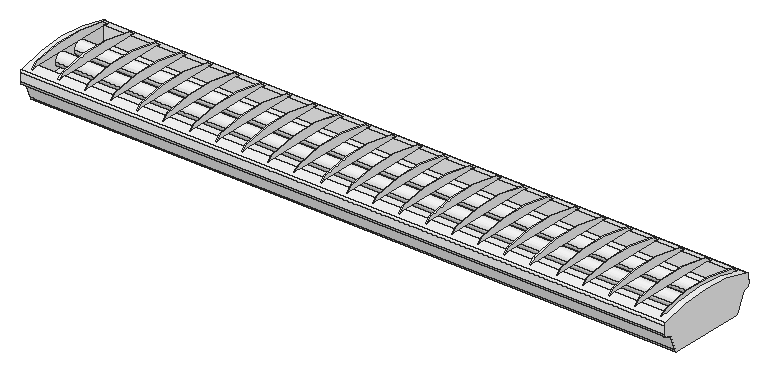
Revit family "0051681 Feilo Sylvania Lighting Fixture SYLMASTER T8 LED 1200 HO 4K Surface Mounted ", category Lighting Fixtures, host Face, Revit 2017
Family settings
  Host = Face
  Round Connector Dimension = Use Diameter
  Part Type = Normal
  OmniClass Number = 23.80.70.00
  OmniClass Title = Lighting
  Cut with Voids When Loaded = No
  Light Source = Yes
  Shared = No
  Room Calculation Point = No
Parameters (values of type "0051681 SYLMASTER T8 LED 1200 HO 4K")
  WidthVoid_FEILO = 160 mm
  Weight = "3.41 kg"
  Wattage Comments = ""
  Wattage = 40 W
  WarrantyStartDate [instance] = "n/a"
  WarrantyGuarantorParts = "n/a"
  WarrantyDurationUnit = "n/a"
  WarrantyDurationParts = "n/a"
  WarrantyDescription = "n/a"
  built-in parameter 1150110 = 1 (stored number, unit not read)
  Voltage = 230 V
  URL = "http://www.sylvania-lighting.com"
  TypeName = "SYLMASTER T8 LED 1200 HO 4K"
  Type Image = <None>
  Type Comments = "n/a"
  Twin_FEILO = not(Single_FEILO)  # yes
  built-in parameter 1114217 = 1 (stored number, unit not read)
  Tilt Angle = -90.00°
  built-in parameter 1150109 = 1 (stored number, unit not read)
  built-in parameter 1150134 = 12
  built-in parameter 1150113 = 1 (stored number, unit not read)
  Single_FEILO = no
  SerialNumber [instance] = "n/a"
  ReflectorSpacing_FEILO = (Length_FEILO - 30 mm) / (Array_FEILO - 1)  # 50.833 mm
  RadiusTube_FEILO = 12.7 mm
  Photometric Web File = "0051681.ies"
  Material_3_FEILO = none
  PowerFactor = 0.9
  PowerConsumption = "40 W"
  NominalLength = 1250 mm
  NominalHeight = 85 mm
  NominalDepth = 202 mm
  Name = "SYLMASTER T8 LED 1200 HO 4K"
  ModelReference = Name  # "SYLMASTER T8 LED 1200 HO 4K"
  ModelNumber = "0051681"
  Model = Name  # "SYLMASTER T8 LED 1200 HO 4K"
  Material = "steel housing"
  ManufacturerName = "Feilo Sylvania"
  Manufacturer = "Feilo Sylvania"
  LuminousEfficacy = "76 lm/W"
  built-in parameter 1150105 = 1206.5 (stored number, unit not read)
  Lumens = 3040 lm
  LuminaireType = ""
  built-in parameter 1150115 = 1 (stored number, unit not read)
  LightOutputRatio = "71"
  built-in parameter 1150137 = (empty or 0)
  built-in parameter 1150139 = (empty or 0)
  Length_FEILO = 1250 mm
  LampsType = Lamp  # "LED"
  LampNominalLuminous = "3040 lm"
  LampMacAdamStep = "6"
  LampColourTemperature = "4000 K"
  LampColourRenderingIndex = "80"
  built-in parameter 1150112 = 1 (stored number, unit not read)
  built-in parameter 1150114 = 1 (stored number, unit not read)
  Lamp = "LED"
  Keynote = "16500"
  InstallationDate [instance] = "n/a"
  InputVoltage = "220-240V~"
  InputNominalFrequency = "50/60 Hz"
  built-in parameter 1150132 = (empty or 0)
  built-in parameter 1150102 = (empty or 0)
  built-in parameter 1150107 = 4000 (stored number, unit not read)
  built-in parameter 1150138 = (empty or 0)
  IngressProtection = "IP20"
  ImpactProtectionIndex = "IK02"
  built-in parameter 1150106 = 12.065 (stored number, unit not read)
  IfcExportType = "IfcLightFixtureType"
  IfcExportAs = "IfcLightFixtureType"
  ExpectedLife = 50000
  Emit from Rectangle Width = WidthVoid_FEILO  # 160 mm
  Emit from Rectangle Length = Length_FEILO - 30 mm  # 1220 mm
  Emit Shape Visible in Rendering = no
  ElectricShockClassification = "Class I"
  built-in parameter 1150104 = 7.0606 (stored number, unit not read)
  DurationUnit = "hours"
  DocumentationLiterature = "http://www.sylvania-lighting.com/product/en-int/products/0051681"
  DimmingControlOptions = "Non dimmable"
  Material_2_FEILO = LEDTube-Sylvania-Sylmaster
  Dimming Lamp Color Temperature Shift = <None>
  Description = "SYLMASTER T8 LED 1200 HO 4K is a surface mount / pendant luminaire supplied with 2 ToLEDo T8 20W 840 LED Tubes."
  Default Elevation = 1219.2 mm
  CreatedOn = "2/19/2018"
  CreatedBy = ""
  Cost = 0
  Color Filter = 16777215
  built-in parameter 1114216 [instance] = (empty or 0)
  ClassificationValue = "EF_70_80"
  ClassificationName = "Uniclass2015"
  Material_1_FEILO = Body-Sylvania-Sylmaster-White
  BarCode [instance] = "n/a"
  built-in parameter 1114218 = 1 (stored number, unit not read)
  built-in parameter 1150133 = 10 (stored number, unit not read)
  AssetType = "Fixed"
  AssetIdentifier [instance] = "n/a"
  Assembly Code = "D5020200"
  Array_FEILO = if(Length_FEILO = 1250 mm, 25, 35)  # 25
  Apparent Load = 40 VA
  Material_4_FEILO = none
Reference planes
  plane 1 "Center (Front/Back)": y = 0
  plane 2: z = 0
  plane 3 "Center (Left/Right)": x = 0
  plane 4: y = 101
  plane 5: y = -101
  plane 6: z = 0
  plane 7: z = 85
  plane 8: z = 61
  plane 9: z = 45
  plane 10: z = 7
  plane 11: z = 68
  plane 12: y = -89
  plane 13: y = -75
  plane 14: y = -30
  plane 15: y = 30
  plane 16: y = 89
  plane 17: y = 75
  plane 18: z = 42
  plane 19: x = -625
  plane 20: x = 625
  plane 21: x = -500
  plane 22: x = 500
  plane 23: y = -23
  plane 24: y = 23
  plane 25: x = -480
  plane 26: x = -520
  plane 27: x = 480
  plane 28: x = 520
  plane 29: x = -513
  plane 30: x = -487
  plane 31: x = 487
  plane 32: x = 513
  plane 33: y = 80
  plane 34: y = -80
  plane 35: x = 610
  plane 36: x = -610
  plane 37: y = 33
  plane 38: z = 44.6
  plane 39: x = -559.167
  plane 40: z = 22
  plane 41: z = -22
Forms (mm)
  Extrusion 1, solid, material "Body-Sylvania-Sylmaster-White" <- "Material_1_FEILO", detail levels medium+fine
    sketch origin (0, 0, 0) x (0, 1, 0) y (0, 0, 1)
      loop
        arc (-98.274, 68.93) -> (-100.248, 67.473) -> (-101, 65.138) r 4
        line (-101, 65.138) -> (-101, 48.904)
        arc (-101, 48.904) -> (-99.941, 45.827) -> (-97.213, 44.053) r 5
        line (-97.213, 44.053) -> (-93.96, 43.24)
        arc (-93.96, 43.24) -> (-89.81, 41.072) -> (-87.101, 37.253) r 10
        line (-87.101, 37.253) -> (-76.76, 11.4)
        arc (-76.76, 11.4) -> (-74.185, 8.204) -> (-70.261, 7) r 7
        line (-70.261, 7) -> (70.261, 7)
        arc (70.261, 7) -> (74.185, 8.204) -> (76.76, 11.4) r 7
        line (76.76, 11.4) -> (87.101, 37.253)
        arc (87.101, 37.253) -> (89.81, 41.072) -> (93.96, 43.24) r 10
        line (93.96, 43.24) -> (97.213, 44.053)
        arc (97.213, 44.053) -> (99.941, 45.827) -> (101, 48.904) r 5
        line (101, 48.904) -> (101, 65.138)
        arc (101, 65.138) -> (100.248, 67.473) -> (98.274, 68.93) r 4
        arc (98.274, 68.93) -> (0, 85) -> (-98.274, 68.93) r 308.529
    from -625 to 625
  Blend 2, solid, material "Body-Sylvania-Sylmaster-White" <- "Material_1_FEILO"
    base sketch origin (0, 1219.2, 7) x (1, 0, 0) y (0, 1, 0)
      loop
        line (-520, -1189.2) -> (-520, -1249.2) -> (-480, -1249.2) -> (-480, -1189.2) -> (-520, -1189.2)
    top sketch origin (0, 1219.2, 7) x (1, 0, 0) y (0, 1, 0)
      loop
        line (-513, -1196.2) -> (-513, -1242.2) -> (-487, -1242.2) -> (-487, -1196.2) -> (-513, -1196.2)
    from 0 to -7
  Blend 3, solid, material "Body-Sylvania-Sylmaster-White" <- "Material_1_FEILO"
    base sketch origin (0, 1219.2, 7) x (1, 0, 0) y (0, 1, 0)
      loop
        line (480, -1189.2) -> (480, -1249.2) -> (520, -1249.2) -> (520, -1189.2) -> (480, -1189.2)
    top sketch origin (0, 1219.2, 7) x (1, 0, 0) y (0, 1, 0)
      loop
        line (487, -1196.2) -> (487, -1242.2) -> (513, -1242.2) -> (513, -1196.2) -> (487, -1196.2)
    from 0 to -7
  Extrusion 4, void
    sketch origin (0, 0, 0) x (0, 1, 0) y (0, 0, 1)
      loop
        line (-80, 85) -> (-80, 45) -> (80, 45) -> (80, 85) -> (-80, 85)
    from -610 to 610
  Extrusion 5, solid, material "LEDTube-Sylvania-Sylmaster" <- "Material_2_FEILO", visible <- "Single_FEILO", detail levels medium+fine
    sketch origin (0, 0, 0) x (0, 1, 0) y (0, 0, 1)
      loop
        circle (0, 61) r 12.7
    from -610 to 610
  Extrusion 6, solid, material "LEDTube-Sylvania-Sylmaster" <- "Material_2_FEILO", visible <- "Twin_FEILO", detail levels medium+fine
    sketch origin (0, 0, 0) x (0, 1, 0) y (0, 0, 1)
      loop
        circle (-23, 61) r 12.7
      loop
        circle (23, 61) r 12.7
    from -610 to 610
  Extrusion 7, solid, material "Body-Sylvania-Sylmaster-White" <- "Material_1_FEILO", detail levels coarse
    sketch origin (0, 0, 0) x (0, 1, 0) y (0, 0, 1)
      loop
        arc (-98.274, 68.93) -> (-100.248, 67.473) -> (-101, 65.138) r 4
        line (-101, 65.138) -> (-101, 48.904)
        arc (-101, 48.904) -> (-99.941, 45.827) -> (-97.213, 44.053) r 5
        line (-97.213, 44.053) -> (-93.96, 43.24)
        arc (-93.96, 43.24) -> (-89.81, 41.072) -> (-87.101, 37.253) r 10
        line (-87.101, 37.253) -> (-76.76, 11.4)
        arc (-76.76, 11.4) -> (-74.185, 8.204) -> (-70.261, 7) r 7
        line (-70.261, 7) -> (70.261, 7)
        arc (70.261, 7) -> (74.185, 8.204) -> (76.76, 11.4) r 7
        line (76.76, 11.4) -> (87.101, 37.253)
        arc (87.101, 37.253) -> (89.81, 41.072) -> (93.96, 43.24) r 10
        line (93.96, 43.24) -> (97.213, 44.053)
        arc (97.213, 44.053) -> (99.941, 45.827) -> (101, 48.904) r 5
        line (101, 48.904) -> (101, 65.138)
        arc (101, 65.138) -> (100.248, 67.473) -> (98.274, 68.93) r 4
        arc (98.274, 68.93) -> (0, 85) -> (-98.274, 68.93) r 308.529
    from -625 to 625
Cuts and joins
  Extrusion 4 cuts Extrusion 1
Lines and regions (mm)
  reference lines
    curve 1: line (0, -101, 45) -> (0, -89, 42)
    curve 2: line (0, -89, 42) -> (0, -75, 7)
    curve 3: line (0, 101, 45) -> (0, 89, 42)
    curve 4: line (0, 89, 42) -> (0, 75, 7)
Dimensions and locks
  equal spacing: plane 5, plane 1 "Center (Front/Back)", plane 4
  locked: plane 5 to plane 4 at 202
  locked: plane 6 to plane 7 at 85
  plane 8 to plane 7 = 24 mm
  locked: plane 9 to plane 7 at 40
  locked: plane 6 to plane 10 at 7
  locked: plane 8 to plane 11 at 7
  equal spacing: plane 13, plane 1 "Center (Front/Back)", plane 17
  equal spacing: plane 14, plane 1 "Center (Front/Back)", plane 15
  equal spacing: plane 12, plane 1 "Center (Front/Back)", plane 16
  locked: plane 13 to plane 17 at 150
  locked: plane 12 to plane 16 at 178
  locked: plane 18 to plane 9 at 3
  locked: Extrusion 1 sketch curve to plane 7 at 308.529
  Extrusion 1 sketch curve to plane 1 "Center (Front/Back)" to Extrusion 1 sketch curve = 97 mm locked, 97 mm locked
  Extrusion 1 sketch curve to plane 1 "Center (Front/Back)" to Extrusion 1 sketch curve = 96 mm locked, 96 mm locked
  equal spacing: plane 19, plane 3 "Center (Left/Right)", plane 20
  "Length_FEILO": plane 19 to plane 20
  Extrusion 1 sketch curve to plane 1 "Center (Front/Back)" to Extrusion 1 sketch curve = 70.261 mm locked, 70.261 mm locked
  Extrusion 1 sketch curve to plane 1 "Center (Front/Back)" to Extrusion 1 sketch curve = 96.386 mm locked, 96.386 mm locked
  Extrusion 1 sketch curve to Extrusion 1 sketch curve to Extrusion 1 sketch curve to Extrusion 1 sketch curve to plane 7 = 19.539 mm locked, 15.365 mm locked, 16.235 mm locked, 19.862 mm locked  (x2)
  equal spacing: plane 21, plane 3 "Center (Left/Right)", plane 22
  locked: plane 21 to plane 22 at 1000
  equal spacing: plane 23, plane 1 "Center (Front/Back)", plane 24
  locked: plane 14 to plane 23 at 7
  locked: plane 14 to plane 1 "Center (Front/Back)" at 30
  equal spacing: plane 26, plane 21, plane 25, locked at 20 each
  equal spacing: plane 27, plane 22, plane 28, locked at 20 each
  locked: plane 26 to plane 21 at 20
  locked: plane 27 to plane 22 at 20
  equal spacing: plane 29, plane 21, plane 30
  locked: plane 26 to plane 29 at 7
  equal spacing: plane 31, plane 22, plane 32
  locked: plane 27 to plane 31 at 7
  equal spacing: plane 36, plane 3 "Center (Left/Right)", plane 35
  locked: plane 19 to plane 36 at 15
  plane 1 "Center (Front/Back)" to plane 37 = 33 mm
  equal spacing: plane 34, plane 1 "Center (Front/Back)", plane 33
  "WidthVoid_FEILO": plane 34 to plane 33
  locked: plane 38 to plane 7 at 40.4
  "ReflectorSpacing_FEILO": plane 36 to plane 39
  equal spacing: group 1, group 2, group 3, group 4, group 5, group 6, group 7, group 8, group 9, group 10, group 11, group 12, group 13, group 14, group 15, group 16, group 17, group 18, group 19, group 20, group 21, group 22, group 23, group 24, group 25  (x3)
  locked: plane 6 to plane 41 at 22
  locked: plane 40 to host face at 22
  "RadiusTube_FEILO": radius of Extrusion 5 sketch curve
  aligned and locked: plane 2 to host face
  aligned and locked: level to host face
  aligned and locked: plane 5 to curve 1
  aligned and locked: plane 12 to curve 1
  aligned and locked: plane 13 to curve 2
  aligned and locked: plane 4 to curve 3
  aligned and locked: plane 16 to curve 3
  aligned and locked: plane 17 to curve 4
  aligned and locked: plane 5 to Extrusion 1 sketch curve
  aligned and locked: curve 2 to Extrusion 1 sketch curve
  aligned and locked: plane 1 "Center (Front/Back)" to Extrusion 1 sketch curve
  aligned and locked: plane 20 to Extrusion 1
  aligned and locked: Extrusion 1 to plane 19
  aligned and locked: Extrusion 1 sketch curve to curve 3
  aligned and locked: curve 1 to Extrusion 1 sketch curve
  aligned and locked: Extrusion 1 sketch curve to curve 4
  aligned and locked: plane 15 to Blend 2 sketch curve
  aligned and locked: plane 26 to Blend 2 sketch curve
  aligned and locked: Blend 2 sketch curve to plane 14
  aligned and locked: Blend 2 sketch curve to plane 25
  aligned and locked: plane 24 to Blend 2 sketch curve
  aligned and locked: plane 29 to Blend 2 sketch curve
  aligned and locked: Blend 2 sketch curve to plane 23
  aligned and locked: Blend 2 sketch curve to plane 30
  aligned and locked: plane 6 to Blend 2
  aligned and locked: Blend 2 to plane 10
  aligned and locked: plane 15 to Blend 3 sketch curve
  aligned and locked: plane 27 to Blend 3 sketch curve
  aligned and locked: Blend 3 sketch curve to plane 14
  aligned and locked: Blend 3 sketch curve to plane 28
  aligned and locked: plane 24 to Blend 3 sketch curve
  aligned and locked: plane 31 to Blend 3 sketch curve
  aligned and locked: Blend 3 sketch curve to plane 23
  aligned and locked: Blend 3 sketch curve to plane 32
  aligned and locked: Blend 3 to plane 10
  aligned and locked: plane 6 to Blend 3
  aligned and locked: plane 7 to Extrusion 4 sketch curve
  aligned and locked: Extrusion 4 sketch curve to plane 34
  aligned and locked: Extrusion 4 sketch curve to plane 9
  aligned and locked: plane 33 to Extrusion 4 sketch curve
  aligned and locked: plane 35 to Extrusion 4
  aligned and locked: Extrusion 4 to plane 36
  aligned and locked: plane 1 "Center (Front/Back)" to nested 1
  aligned and locked: plane 36 to nested 1
  aligned and locked: plane 39 to nested 2
  aligned and locked: plane 1 "Center (Front/Back)" to Extrusion 5 sketch curve
  aligned and locked: plane 8 to Extrusion 5 sketch curve
  aligned and locked: plane 35 to Extrusion 5
  aligned and locked: Extrusion 5 to plane 36
  aligned and locked: plane 23 to Extrusion 6 sketch curve
  aligned and locked: plane 8 to Extrusion 6 sketch curve  (x2)
  aligned and locked: plane 24 to Extrusion 6 sketch curve
  aligned and locked: plane 35 to Extrusion 6
  aligned and locked: Extrusion 6 to plane 36
  aligned and locked: plane 3 "Center (Left/Right)" to imposter light
  aligned and locked: imposter light to plane 1 "Center (Front/Back)"
  aligned and locked: imposter light to plane 7
  aligned and locked: Extrusion 7 sketch curve to cut or joined group of Extrusion 1, Extrusion 4  (x9)
  aligned and locked: plane 20 to Extrusion 7
  aligned and locked: Extrusion 7 to plane 19
  aligned and locked: plane 6 to plane 2
Automatic sketch dimensions
  host sketch curve to host sketch curve = 2438.4 mm  (x2)
  plane 9 to Extrusion 1 sketch curve = 0.947 mm  (x2)
  Extrusion 1 sketch curve to plane 18 = 1.24 mm  (x2)
  Extrusion 1 sketch curve to plane 12 = 1.899 mm
  plane 13 to Extrusion 1 sketch curve = 1.76 mm
  Extrusion 1 sketch curve to plane 17 = 1.76 mm
  plane 16 to Extrusion 1 sketch curve = 1.899 mm
  Extrusion 1 sketch curve to Extrusion 1 sketch curve = 0 mm
  plane 10 to curve 2 = 0 mm
  plane 10 to curve 4 = 0 mm
  plane 18 to curve 2 = 0 mm
  plane 18 to curve 3 = 0 mm
  plane 9 to curve 1 = 0 mm
  plane 9 to curve 3 = 0 mm
  plane 38 to Extrusion 7 sketch curve = 0.547 mm  (x2)
  Extrusion 7 sketch curve to plane 18 = 1.24 mm  (x2)
  Extrusion 7 sketch curve to plane 12 = 1.899 mm
  plane 13 to Extrusion 7 sketch curve = 1.76 mm
  Extrusion 7 sketch curve to plane 17 = 1.76 mm
  plane 16 to Extrusion 7 sketch curve = 1.899 mm
  radius of Extrusion 6 sketch curve = 12.7 mm  (x2)
Nested families
  nested 1: "Sylmaster reflector" at (-610, 0, 44.6), type "Type Name", detail levels medium+fine
    with WidthVoid_FEILO 160 mm
  nested 2: "Sylmaster reflector" at (-559.167, 0, 44.6), type "Type Name", detail levels medium+fine
    with WidthVoid_FEILO 160 mm
  nested 3: "Sylmaster reflector" at (-508.333, 0, 44.6), type "Type Name", detail levels medium+fine
    with WidthVoid_FEILO 160 mm
  nested 4: "Sylmaster reflector" at (-457.5, 0, 44.6), type "Type Name", detail levels medium+fine
    with WidthVoid_FEILO 160 mm
  nested 5: "Sylmaster reflector" at (-406.667, 0, 44.6), type "Type Name", detail levels medium+fine
    with WidthVoid_FEILO 160 mm
  nested 6: "Sylmaster reflector" at (-355.833, 0, 44.6), type "Type Name", detail levels medium+fine
    with WidthVoid_FEILO 160 mm
  nested 7: "Sylmaster reflector" at (-305, 0, 44.6), type "Type Name", detail levels medium+fine
    with WidthVoid_FEILO 160 mm
  nested 8: "Sylmaster reflector" at (-254.167, 0, 44.6), type "Type Name", detail levels medium+fine
    with WidthVoid_FEILO 160 mm
  nested 9: "Sylmaster reflector" at (-203.333, 0, 44.6), type "Type Name", detail levels medium+fine
    with WidthVoid_FEILO 160 mm
  nested 10: "Sylmaster reflector" at (-152.5, 0, 44.6), type "Type Name", detail levels medium+fine
    with WidthVoid_FEILO 160 mm
  nested 11: "Sylmaster reflector" at (-101.667, 0, 44.6), type "Type Name", detail levels medium+fine
    with WidthVoid_FEILO 160 mm
  nested 12: "Sylmaster reflector" at (-50.833, 0, 44.6), type "Type Name", detail levels medium+fine
    with WidthVoid_FEILO 160 mm
  nested 13: "Sylmaster reflector" at (0, 0, 44.6), type "Type Name", detail levels medium+fine
    with WidthVoid_FEILO 160 mm
  nested 14: "Sylmaster reflector" at (50.833, 0, 44.6), type "Type Name", detail levels medium+fine
    with WidthVoid_FEILO 160 mm
  nested 15: "Sylmaster reflector" at (101.667, 0, 44.6), type "Type Name", detail levels medium+fine
    with WidthVoid_FEILO 160 mm
  nested 16: "Sylmaster reflector" at (152.5, 0, 44.6), type "Type Name", detail levels medium+fine
    with WidthVoid_FEILO 160 mm
  nested 17: "Sylmaster reflector" at (203.333, 0, 44.6), type "Type Name", detail levels medium+fine
    with WidthVoid_FEILO 160 mm
  nested 18: "Sylmaster reflector" at (254.167, 0, 44.6), type "Type Name", detail levels medium+fine
    with WidthVoid_FEILO 160 mm
  nested 19: "Sylmaster reflector" at (305, 0, 44.6), type "Type Name", detail levels medium+fine
    with WidthVoid_FEILO 160 mm
  nested 20: "Sylmaster reflector" at (355.833, 0, 44.6), type "Type Name", detail levels medium+fine
    with WidthVoid_FEILO 160 mm
  nested 21: "Sylmaster reflector" at (406.667, 0, 44.6), type "Type Name", detail levels medium+fine
    with WidthVoid_FEILO 160 mm
  nested 22: "Sylmaster reflector" at (457.5, 0, 44.6), type "Type Name", detail levels medium+fine
    with WidthVoid_FEILO 160 mm
  nested 23: "Sylmaster reflector" at (508.333, 0, 44.6), type "Type Name", detail levels medium+fine
    with WidthVoid_FEILO 160 mm
  nested 24: "Sylmaster reflector" at (559.167, 0, 44.6), type "Type Name", detail levels medium+fine
    with WidthVoid_FEILO 160 mm
  nested 25: "Sylmaster reflector" at (610, 0, 44.6), type "Type Name", detail levels medium+fine
    with WidthVoid_FEILO 160 mm
Connectors
  electrical at (0, 0, 0), driven by "Apparent Load", driven by "PowerFactor", driven by "Voltage"
    settings: index 1, voltage 230 V, apparent load 40 VA, apparent load phase1 0 VA, apparent load phase2 0 VA, apparent load phase3 0 VA, power factor 0.9, load classification "Lighting", number of poles 1, system type 30, power factor state 1, is connector primary yes, connector utility no, sub classification motor no, connector description ""
Definition of nested family "Sylmaster reflector"
  Parameters (values of type "Type Name")
    WidthVoid_FEILO = 146 mm
    URL = "http://www.feilosylvania.com"
    Type Image = (empty or 0)
    Type Comments = "n/a"
    RadiusReflectorOuter_FEILO = 303.809 mm
    RadiusReflectorInner_FEILO = 307.458 mm
    Material_3_FEILO = none
    Model = ""
    Manufacturer = "Feilo Sylvania"
    Keynote = "16500"
    Material_2_FEILO = none
    Description = ""
    Default Elevation = 1219.2 mm
    Cost = 0
    Material_1_FEILO = none
    Assembly Code = "D5020200"
    Material_4_FEILO = none
  Reference planes
    plane 1 "Center (Front/Back)": y = 0
    plane 2: z = 28.4
    plane 3 "Center (Left/Right)": x = 0
    plane 4: y = 101
    plane 5: y = -101
    plane 6: z = 28.4
    plane 7: z = 23.4
    plane 8: x = -775
    plane 9: x = 775
    plane 10: x = -500
    plane 11: x = 500
    plane 12: x = -480
    plane 13: x = -520
    plane 14: x = 480
    plane 15: x = 520
    plane 16: x = -513
    plane 17: x = -487
    plane 18: x = 487
    plane 19: x = 513
    plane 20: y = 73
    plane 21: y = -73
    plane 22: x = 760
    plane 23: x = -760
    plane 24: y = -83
    plane 25: y = 83
    plane 26: z = 28.4
    plane 27: x = 1
    plane 28: x = -1
  Forms (mm)
    Extrusion 1, solid
      sketch origin (4.2, 0, 28.4) x (1, 0, 0) y (0, 1, 0)
        loop
          line (-1219.2, 1219.2) -> (-1219.2, -1219.2) -> (1219.2, -1219.2) -> (1219.2, 1219.2) -> (-1219.2, 1219.2)
      from 0 to -68.017
    Extrusion 2, solid, material <- "Material_1_FEILO"
      sketch origin (0, 0, 0) x (0, 1, 0) y (0, 0, 1)
        loop
          arc (-83, 29.048) -> (-78.011, 30.401) -> (-73, 31.671) r 307.458
          line (-73, 31.671) -> (-73, 28.4) -> (73, 28.4) -> (73, 31.671)
          arc (73, 31.671) -> (78.011, 30.401) -> (83, 29.048) r 307.458
          line (83, 29.048) -> (73, 36.779)
          arc (73, 36.779) -> (0, 45.68) -> (-73, 36.779) r 303.809
          line (-73, 36.779) -> (-83, 29.048)
      from 1 to -1
  Lines and regions (mm)
    reference lines
      curve 1: arc (0, -101, 28.4) -> (0, 0, 45.68) -> (0, 101, 28.4) r 303.809
      curve 2: arc (0, -101, 23.4) -> (0, 0, 40.463) -> (0, 101, 23.4) r 307.458
  Dimensions and locks
    equal spacing: plane 5, plane 1 "Center (Front/Back)", plane 4
    locked: plane 5 to plane 4 at 202
    equal spacing: plane 8, plane 3 "Center (Left/Right)", plane 9
    locked: plane 8 to plane 9 at 1550
    equal spacing: plane 10, plane 3 "Center (Left/Right)", plane 11
    locked: plane 10 to plane 11 at 1000
    equal spacing: plane 13, plane 10, plane 12, locked at 20 each
    equal spacing: plane 14, plane 11, plane 15, locked at 20 each
    locked: plane 13 to plane 10 at 20
    locked: plane 14 to plane 11 at 20
    equal spacing: plane 16, plane 10, plane 17
    locked: plane 13 to plane 16 at 7
    equal spacing: plane 18, plane 11, plane 19
    locked: plane 14 to plane 18 at 7
    equal spacing: plane 23, plane 3 "Center (Left/Right)", plane 22
    locked: plane 8 to plane 23 at 15
    equal spacing: plane 21, plane 1 "Center (Front/Back)", plane 20
    "WidthVoid_FEILO": plane 21 to plane 20
    equal spacing: plane 24, plane 1 "Center (Front/Back)", plane 25
    locked: plane 24 to plane 21 at 10
    locked: plane 7 to plane 26 at 5
    plane 28 to plane 3 "Center (Left/Right)" to plane 27 = 1 mm locked, 1 mm locked
    "RadiusReflectorInner_FEILO": radius of curve 2
    "RadiusReflectorOuter_FEILO": radius of curve 1
    aligned and locked: plane 2 to Extrusion 1
    aligned and locked: level to Extrusion 1
    aligned and locked: plane 5 to curve 1
    aligned and locked: plane 26 to curve 1  (x2)
    aligned and locked: plane 4 to curve 1
    aligned and locked: plane 4 to curve 2
    aligned and locked: plane 7 to curve 2  (x2)
    aligned and locked: plane 5 to curve 2
    aligned and locked: Extrusion 2 to plane 28
    aligned and locked: plane 27 to Extrusion 2
    aligned and locked: Extrusion 2 sketch curve to curve 2  (x2)
    aligned and locked: Extrusion 2 sketch curve to curve 1
    aligned and locked: plane 26 to Extrusion 2 sketch curve
    aligned and locked: Extrusion 2 sketch curve to plane 20
    aligned and locked: plane 21 to Extrusion 2 sketch curve  (x3)
    aligned and locked: plane 24 to Extrusion 2 sketch curve
    aligned and locked: plane 20 to Extrusion 2 sketch curve
    aligned and locked: plane 25 to Extrusion 2 sketch curve
    aligned and locked: plane 26 to plane 6
    aligned and locked: level to plane 26
  Automatic sketch dimensions
    Extrusion 1 sketch curve to Extrusion 1 sketch curve = 2438.4 mm  (x2)
